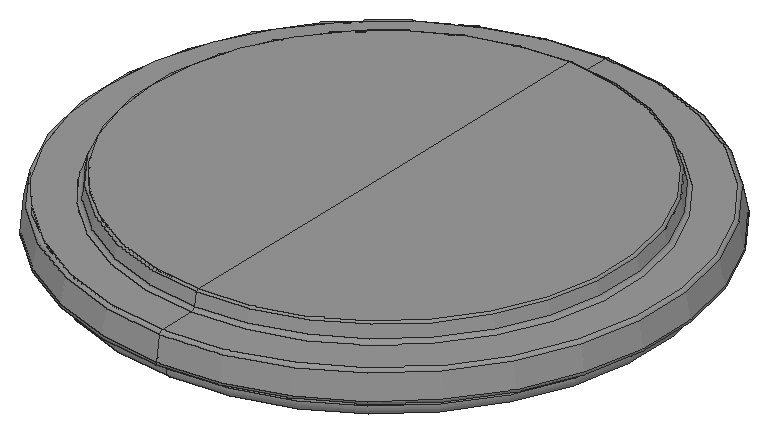
Revit family "FMK13_63_UN_Surface-mounted_ETK", category Lighting Fixtures, Revit 2017 (continued)
Definition of nested family "FMK.1 - Lightsource"
  Types (13, lengths in mm): name | Wattage Comments | Photometric Web File | built-in parameter 1150142 | Apparent Load
      1\t295.4487\r\n276.7221\t257.9909\t237.4332\t217.2268\t197.2976\t177.8843\t157.7872\t138.6506\t119.9505\t100.9249\r\n82.987\t66.0677\t14.47\t0\t0\t0\r\n604.9325\t604.5584\t603.0879\t601.1508\t598.5185\t594.9186\t590.6391\t585.3751\t579.3165\t572.4837\r\n564.9469\t556.5987\t547.5194\t537.685\t527.3395\t516.7057\t504.9047\t492.1707\t478.1271\t463.8484\r\n448.9665\t433.7524\t417.9986\t401.8529\t385.1715\t368.3446\t351.4028\t333.147\t313.7228\t294.4856\r\n275.2731\t256.1445\t237.316\t216.8492\t196.4747\t176.5442\t157.2377\t137.5478\t118.9004\t100.3985\r\n82.3134\t65.4455\t55.1323\t0\t0\t0\r\n604.9325\t604.5433\t603.3225\t601.1064\t598.4354\t594.7731\t590.3173\t585.098\t579.0797\t572.1766\r\n564.6071\t556.1859\t547.081\t537.2398\t526.6482\t515.4957\t503.7296\t491.745\t478.4953\t464.4776\r\n448.9829\t433.6134\t417.6598\t401.2469\t384.1387\t366.9918\t349.3881\t331.6485\t313.6629\t294.2241\r\n274.5265\t254.9012\t235.3516\t216.0467\t196.5265\t175.8547\t156.0522\t137.0014\t117.7749\t99.6932\r\n81.7729\t64.8345\t49.3378\t0\t0\t0\r\n604.9325\t604.5271\t603.3032\t601.0701\t598.3654\t594.6491\t590.1215\t584.7542\t578.8145\t571.898\r\n564.2988\t555.7883\t546.6569\t536.7664\t526.1773\t514.9361\t502.9375\t490.4265\t477.2784\t464.0283\r\n449.3533\t434.0958\t417.8096\t401.016\t383.7266\t366.2957\t348.4007\t330.2839\t311.8195\t293.1788\r\n274.555\t254.527\t234.348\t214.5879\t194.928\t175.8985\t155.5638\t135.8975\t117.155\t98.5499\r\n81.2595\t64.2084\t48.8598\t7.0657\t0\t0\r\n604.9325\t604.5096\t603.2784\t601.0424\t598.3097\t594.5477\t589.9606\t584.5414\t578.4482\t571.608\r\n563.9594\t555.3996\t546.2593\t536.3041\t525.6497\t514.3962\t502.4141\t489.7664\t476.4029\t462.5786\r\n448.0398\t433.0915\t418.0577\t401.3922\t384.1366\t366.1992\t348.0979\t329.6668\t310.9131\t291.9004\r\n272.744\t253.4824\t234.1877\t214.0316\t193.775\t173.9598\t154.8443\t135.6589\t116.2289\t97.8298\r\n80.0295\t63.4921\t48.2305\t34.936\t0\t0\r\n604.9325\t604.4906\t603.2478\t601.2803\t598.2688\t594.4695\t589.8358\t584.3814\t578.2247\t571.2493\r\n563.5271\t555.0451\t545.8679\t535.8603\t525.1757\t513.8836\t501.871\t489.1433\t475.8417\t461.8368\r\n447.2679\t432.0274\t416.5009\t400.0073\t383.2616\t366.3726\t348.5214\t330.0774\t310.8253\t291.5128\r\n272.035\t252.2821\t232.6407\t212.8798\t193.2781\t173.4395\t153.4804\t134.3364\t116.0668\t97.2\r\n79.2416\t62.4646\t47.4631\t33.5133\t0\t0\r\n604.9325\t604.4703\t603.2116\t601.2411\t598.5166\t594.4157\t589.7477\t584.274\t578.0648\t571.0564\r\n563.2525\t554.6583\t545.4211\t535.3541\t524.7361\t513.4205\t501.3551\t488.6147\t475.2745\t461.193\r\n446.5744\t431.3412\t415.6511\t399.1668\t382.278\t364.8935\t347.109\t328.9881\t310.4447\t291.7072\r\n272.4757\t252.2606\t232.2751\t212.1161\t191.9979\t172.222\t152.6751\t133.6736\t114.4712\t96.2985\r\n79.2\t61.7213\t46.3352\t30.5861\t2.7832\t0\r\n604.9325\t604.4487\t603.1693\t601.1876\t598.4603\t594.6385\t589.9678\t584.5139\t577.9711\t570.9456\r\n563.0797\t554.4745\t545.1762\t535.0443\t524.3111\t512.96\t500.8221\t488.1002\t474.7163\t460.6519\r\n445.9947\t430.7439\t414.9606\t398.5261\t381.5143\t364.1378\t346.2393\t328.0457\t309.3298\t290.2564\r\n271.0121\t251.3312\t231.6882\t211.9743\t192.2844\t172.4111\t152.2798\t132.702\t113.7176\t95.3929\r\n77.7571\t61.1156\t45.5789\t26.7123\t15.0206\t0\r\n604.9325\t604.4257\t603.1214\t601.1197\t598.376\t594.5431\t589.8686\t584.4373\t578.1813\t571.1696\r\n563.2668\t554.6915\t545.3505\t535.1843\t524.1648\t512.8008\t500.5868\t487.89\t474.4515\t460.278\r\n445.5862\t430.3323\t414.5182\t397.9934\t380.8221\t363.4557\t345.5267\t327.2817\t308.5319\t289.4587\r\n270.127\t250.3982\t230.6065\t210.7975\t190.5506\t170.8379\t151.2851\t132.0397\t113.3713\t95.4283\r\n77.5355\t60.4175\t45.5245\t22.783\t11.8877\t0\r\n604.9325\t604.4014\t603.0678\t601.0376\t598.264\t594.4044\t589.7068\t584.2658\t577.9867\t570.9757\r\n563.0442\t554.4872\t545.1275\t534.9651\t524.2246\t512.882\t500.6187\t487.9897\t474.5344\t460.3474\r\n445.6646\t430.439\t414.623\t398.0399\t380.7488\t363.3986\t345.4701\t327.1757\t308.3973\t289.2412\r\n269.9199\t250.2091\t230.3921\t210.5042\t190.5692\t170.6931\t151.1594\t131.7673\t112.9299\t94.5881\r\n76.9076\t60.112\t45.0279\t27.0286\t9.6311\t7.6483\r\n604.9325\t604.3759\t603.0084\t600.9412\t598.124\t594.2226\t589.4823\t583.9989\t577.6703\t570.6249\r\n562.6312\t554.0383\t544.615\t534.4128\t523.3303\t511.8827\t499.6032\t486.8945\t473.379\t459.1716\r\n444.447\t429.1313\t413.2983\t396.6863\t379.4714\t362.0792\t344.0455\t325.7707\t306.8732\t287.9397\r\n268.4905\t248.7792\t228.9235\t208.976\t188.8762\t169.0915\t149.5412\t130.307\t111.7095\t93.7095\r\n75.8594\t58.8926\t44.026\t24.9142\t12.7626\t0\r\n604.9325\t604.3491\t602.9434\t600.8307\t597.9567\t593.9983\t589.1954\t583.6374\t576.9499\t569.8568\r\n561.8084\t553.1696\t543.7065\t533.5014\t522.6434\t511.1217\t498.8636\t486.1079\t472.5802\t458.4416\r\n443.7228\t428.3584\t412.519\t395.9142\t378.8014\t361.382\t343.2832\t325.0317\t306.0946\t287.1683\r\n267.7345\t248.067\t228.3349\t208.5719\t188.922\t168.9512\t148.8897\t129.3596\t110.4457\t92.1897\r\n74.6666\t58.1911\t43.6041\t25.4889\t14.7118\t0\r\n604.9325\t604.321\t602.8732\t600.7066\t597.7625\t593.4555\t588.5912\t582.9617\t576.5349\t569.4237\r\n561.3509\t552.699\t543.2196\t533.0344\t522.242\t510.6583\t498.432\t485.6232\t472.085\t457.8674\r\n443.1238\t427.7399\t411.9617\t395.2552\t378.1904\t360.685\t342.6792\t324.4805\t305.7442\t286.9867\r\n267.5493\t247.3236\t227.2422\t207.0117\t186.8984\t167.1289\t147.607\t128.6542\t109.6219\t91.5686\r\n74.5654\t57.4716\t43.021\t27.7846\t2.5248\t0\r\n604.9325\t604.2919\t602.7977\t600.5691\t597.2642\t593.1928\t588.2942\t582.6298\t576.1886\t569.0731\r\n561.0018\t552.4381\t542.9442\t532.7591\t521.8457\t510.2154\t497.9723\t485.1383\t471.6045\t457.3841\r\n442.6041\t427.217\t411.5012\t394.7803\t377.8035\t360.7021\t342.6902\t324.0667\t304.5578\t285.154\r\n265.5148\t245.6447\t225.9156\t206.0001\t186.3854\t166.628\t146.7681\t127.7474\t109.5852\t91.0031\r\n73.2615\t56.8556\t42.3856\t28.9154\t0\t0\r\n604.9325\t604.2617\t602.7174\t600.1575\t597.0585\t592.9572\t588.0346\t582.3501\t575.91\t568.8992\r\n560.8225\t552.1243\t542.5982\t532.4005\t521.4708\t509.8288\t497.5519\t484.7125\t471.1209\t456.9536\r\n442.2012\t427.0651\t411.7943\t394.8578\t377.2968\t359.0608\t340.7356\t322.097\t303.0689\t283.9286\r\n264.5951\t245.1465\t225.7535\t205.5061\t185.2214\t165.5278\t146.4993\t127.474\t108.2339\t90.109\r\n72.5842\t56.4938\t42.1707\t29.3631\t0\t0\r\n604.9325\t604.2306\t602.6322\t600.0115\t596.8707\t592.7484\t587.812\t582.1232\t575.7826\t568.6374\r\n560.5537\t551.8047\t542.2444\t532.0161\t521.1001\t509.4521\t497.1336\t484.3221\t470.9094\t457.2702\r\n442.3573\t426.8157\t410.175\t393.076\t375.4255\t357.6573\t339.5612\t321.1252\t302.4491\t283.5515\r\n264.6943\t244.5977\t224.3093\t204.516\t184.8175\t165.8131\t145.6325\t126.1903\t107.6436\t89.3056\r\n72.2152\t56.2192\t41.802\t5.8477\t0\t0\r\n604.9325\t604.1984\t602.5428\t599.8759\t596.7009\t592.5661\t587.6259\t582.0288\t575.5588\t568.3431\r\n560.3078\t551.4936\t541.918\t531.6799\t520.6784\t509.0807\t497.0071\t484.619\t471.0275\t456.5955\r\n440.7773\t424.9147\t408.6153\t391.9435\t374.3648\t356.8729\t339.0738\t320.888\t302.7006\t282.9652\r\n263.1976\t243.4392\t223.6803\t204.304\t184.8139\t164.2859\t144.6019\t125.6638\t106.7368\t88.9169\r\n71.7798\t55.8455\t41.2336\t0\t0\t0\r\n604.9325\t604.1654\t602.1984\t599.751\t596.5492\t592.4098\t587.5663\t581.8713\t575.3548\t568.0817\r\n560.0442\t551.1829\t541.6018\t531.3184\t520.4884\t509.3827\t497.2815\t484.0025\t469.5392\t454.8807\r\n439.5116\t423.7455\t407.6028\t391.162\t373.9279\t356.7322\t339.4153\t320.7873\t301.2671\t281.7589\r\n262.378\t243.017\t224.0712\t203.4907\t183.2079\t163.3375\t144.1874\t124.7147\t106.2756\t88.4044\r\n71.2995\t55.37\t44.7197\t0\t0\t0\r\n604.9325\t604.1317\t602.1129\t599.6372\t596.4157\t592.3859\t587.3951\t581.6922\t575.1349\t567.8233\r\n559.7735\t550.7814\t541.2689\t531.1872\t520.8219\t509.1315\t496.4226\t482.3474\t468.3274\t453.7764\r\n438.603\t423.039\t407.124\t390.762\t374.0304\t356.955\t338.1426\t319.2702\t300.2728\t281.2389\r\n262.2388\t243.2836\t222.6194\t202.306\t182.3924\t163.035\t143.1366\t124.1994\t105.8336\t87.7967\r\n70.7723\t54.7046\t11.5599\t0\t0\t0\r\n604.9325\t604.0975\t602.033\t599.5342\t596.3004\t592.2404\t587.2388\t581.5154\t574.9143\t567.569\r\n559.3901\t550.5552\t541.2123\t531.4748\t520.4156\t507.8107\t494.859\t481.3089\t467.3975\t452.9318\r\n438.0372\t422.7691\t407.025\t391.0991\t373.8573\t355.346\t337.0135\t318.5296\t299.8812\t281.2909\r\n262.3027\t241.7297\t221.4854\t201.617\t182.1371\t161.9674\t142.593\t123.9131\t105.1305\t87.2021\r\n70.1622\t53.9551\t0\t0\t0\t0\r\n604.9325\t604.0626\t601.9588\t599.4427\t596.3201\t592.1193\t587.0871\t581.3395\t574.6941\t567.3193\r\n559.1974\t550.477\t541.5473\t530.9977\t519.0905\t506.765\t493.8707\t480.5702\t466.7289\t452.4544\r\n437.8106\t422.7648\t407.3444\t389.987\t372.3299\t354.4291\t336.4151\t318.2804\t300.3326\t281.1384\r\n260.7211\t240.7052\t221.0093\t201.4727\t181.0539\t161.3248\t142.3279\t123.1598\t104.4957\t86.6464\r\n69.558\t57.7051\t0\t0\t0\t0\r\n604.9325\t604.0272\t601.8904\t599.3882\t596.237\t592.0006\t586.9406\t581.1632\t574.4747\t566.9997\r\n559.073\t550.8158\t541.1454\t529.7416\t518.149\t505.9054\t493.157\t480.018\t466.3384\t452.3643\r\n437.9112\t422.9979\t406.1187\t388.9214\t371.496\t353.9348\t336.2188\t318.724\t299.4663\t279.56\r\n259.8369\t240.2784\t220.9329\t200.4813\t180.3908\t160.9421\t141.6885\t122.4909\t103.9808\t86.1452\r\n68.9426\t35.5201\t0\t0\t0\t0\r\n604.9325\t603.9917\t601.8278\t599.3206\t596.1556\t591.8844\t586.7978\t580.9865\t574.1458\t566.8553\r\n559.4036\t550.5172\t539.9315\t528.8512\t517.367\t505.2617\t492.6816\t479.6991\t466.2194\t452.4751\r\n438.05\t421.6244\t405.0853\t388.1373\t371.032\t353.8353\t336.757\t317.784\t298.2127\t278.7079\r\n259.3309\t240.3321\t219.939\t199.6844\t179.9696\t160.7126\t140.9902\t121.943\t103.488\t85.6436\r\n68.3574\t0\t0\t0\t0\t0\r\n604.9325\t603.9559\t601.7714\t599.2628\t596.0752\t591.771\t586.6658\t580.8024\t573.989\t566.7804\r\n559.2504\t549.8741\t539.0878\t528.1304\t516.7365\t504.7959\t492.3897\t479.5813\t466.3433\t452.6497\r\n436.8272\t420.6891\t404.3399\t387.7338\t370.9749\t354.3891\t335.8421\t316.6009\t297.4159\t278.2527\r\n259.3978\t239.328\t219.0886\t199.1929\t179.808\t159.923\t140.4269\t121.457\t103.048\t85.1848\r\n73.7131\t0\t0\t0\t0\t0\r\n604.9325\t603.6792\t601.7517\t599.3411\t595.9954\t591.6566\t586.5673\t580.5284\t573.8931\t567.1365\r\n558.8682\t548.733\t538.4005\t527.5784\t516.2664\t504.4955\t492.3035\t479.6753\t466.706\t451.4882\r\n436.0948\t420.0364\t403.9109\t387.6235\t371.4864\t353.8754\t334.7111\t315.7739\t296.8941\t278.1566\r\n258.9491\t238.4036\t218.4493\t198.8345\t179.1952\t159.3202\t139.916\t121.0317\t102.6407\t84.7143\r\n55.9271\t0\t0\t0\t0\t0\r\n604.9325\t603.6444\t601.7066\t599.2965\t595.915\t591.5536\t586.4411\t580.3913\t573.8543\t566.9618\r\n558.2996\t548.0726\t537.8747\t527.1113\t515.9263\t504.3672\t492.3683\t480.1405\t465.7028\t450.6329\r\n435.3552\t419.8082\t403.764\t387.8078\t371.2229\t352.4897\t333.8151\t315.2532\t296.7183\t278.1081\r\n257.8104\t237.7622\t218.0438\t198.6801\t178.511\t158.7677\t139.4922\t120.6463\t102.238\t84.2517\r\n9.0057\t0\t0\t0\t0\t0\r\n604.9325\t603.6112\t601.6661\t599.2512\t595.8331\t591.4531\t586.3125\t580.2933\t574.2613\t566.6412\r\n557.2567\t547.549\t537.3916\t526.7388\t515.7334\t504.3886\t492.9019\t479.7342\t464.8479\t450.0077\r\n434.9476\t419.8855\t404.0538\t388.151\t369.9169\t351.5873\t333.3553\t314.9504\t296.9003\t276.9796\r\n257.0176\t237.3436\t217.8318\t197.9694\t177.9387\t158.3111\t139.083\t120.2864\t101.8575\t92.1859\r\n0\t0\t0\t0\t0\t0\r\n604.9325\t603.5799\t601.6303\t599.2045\t595.7076\t591.3592\t586.075\t580.2215\t574.1924\t566.1884\r\n556.6737\t547.074\t536.9561\t526.5217\t515.6669\t504.5312\t492.7859\t478.611\t464.16\t449.5853\r\n434.7567\t419.7662\t405.0918\t387.0371\t369.0209\t351.0423\t333.0336\t315.092\t295.9783\t276.1604\r\n256.4894\t237.0057\t217.711\t197.3492\t177.4313\t157.8872\t138.7311\t119.935\t101.4702\t81.0181\r\n0\t0\t0\t0\t0\t0\r\n604.9325\t603.5503\t601.5987\t599.1561\t595.626\t591.2727\t585.9368\t580.2006\t574.0102\t565.255\r\n556.1655\t546.6769\t536.6806\t526.4567\t515.7097\t505.0175\t491.8244\t477.8494\t463.7019\t449.2876\r\n434.7564\t420.4081\t404.4637\t386.432\t368.4467\t350.6538\t332.9546\t315.1229\t295.2701\t275.5419\r\n256.1209\t237.0123\t216.9386\t196.7955\t177.0266\t157.531\t138.3961\t119.5772\t101.0781\t55.7879\r\n0\t0\t0\t0\t0\t0\r\n604.9325\t603.5226\t601.5713\t599.1055\t595.5514\t591.1944\t585.8477\t580.6059\t573.7272\t564.7673\r\n555.7208\t546.3592\t536.5629\t526.4185\t515.8861\t504.7419\t491.1491\t477.3368\t463.4233\t449.1905\r\n434.8749\t420.3926\t403.0738\t385.7604\t368.1941\t350.5999\t333.2448\t314.0673\t294.5401\t275.2079\r\n255.9181\t236.731\t216.3242\t196.3167\t176.6088\t157.1902\t138.0919\t119.2663\t100.7128\t7.9096\r\n0\t0\t0\t0\t0\t0\r\n604.9325\t603.5024\t601.5477\t599.0027\t595.4844\t591.1564\t585.7889\t580.586\t573.3397\t564.3588\r\n555.3625\t546.1066\t536.4848\t526.4232\t516.46\t503.7313\t490.508\t476.9971\t463.1504\t449.3158\r\n435.4961\t419.3363\t402.3059\t385.1301\t368.0536\t350.6767\t333.0603\t313.3187\t294.0528\t274.8627\r\n256.0518\t236.014\t215.808\t195.9092\t176.2577\t156.8869\t137.7744\t118.924\t107.573\t0\r\n0\t0\t0\t0\t0\t0\r\n604.9325\t603.478\t601.5279\t598.9535\t595.4258\t591.0829\t585.7607\t580.4663\t572.4844\t563.9941\r\n555.0829\t545.9216\t536.4706\t526.6157\t516.2842\t503.1403\t489.9858\t476.7762\t463.1632\t449.3988\r\n435.4082\t418.4666\t401.6939\t384.809\t367.7873\t351.0202\t332.0189\t312.8252\t293.7031\t274.7409\r\n255.7909\t235.4313\t215.3913\t195.5619\t175.9593\t156.6095\t137.5086\t118.6259\t93.5654\t0\r\n0\t0\t0\t0\t0\t0\r\n604.9325\t603.4551\t601.5115\t598.9106\t595.3758\t590.8939\t585.7709\t580.2702\t572.0798\t563.6729\r\n554.8743\t545.7915\t536.5093\t527.239\t515.7758\t502.6755\t489.6308\t476.5517\t463.3214\t450.0742\r\n434.4062\t417.8556\t401.204\t384.5694\t367.8901\t350.6145\t331.3568\t312.4071\t293.4519\t274.8857\r\n255.1354\t234.9506\t214.9788\t195.2372\t175.7164\t156.3939\t137.2684\t118.3542\t70.2991\t0\r\n0\t0\t0\t0\t0\t0\r\n604.9325\t603.4339\t601.4981\t598.8743\t595.3693\t590.8219\t585.8012\t579.9783\t571.7294\t563.3978\r\n554.7414\t545.7491\t536.5989\t527.245\t514.8542\t502.254\t489.435\t476.4383\t463.4252\t450.1235\r\n433.6687\t417.3734\t400.9511\t384.4656\t368.2234\t349.7336\t330.8127\t312.0244\t293.3418\t274.7228\r\n254.5352\t234.5186\t214.663\t194.959\t175.4554\t156.1442\t137.0471\t118.1035\t19.0545\t0\r\n0\t0\t0\t0\t0\t0\r\n604.9325\t603.4142\t601.6163\t598.8454\t595.3189\t590.7169\t586.228\t579.6856\t571.4422\t563.1606\r\n554.6359\t545.7802\t536.7262\t527.004\t514.4202\t501.893\t489.3259\t476.5043\t463.9917\t449.6199\r\n433.2001\t416.9985\t400.7919\t384.5465\t367.964\t349.0736\t330.4515\t311.843\t293.2609\t274.3654\r\n254.0721\t234.1043\t214.3191\t194.7189\t175.2644\t155.9641\t136.8284\t127.44\t0.8256\t0\r\n0\t0\t0\t0\t0\t0\r\n604.9325\t603.3959\t601.5958\t598.824\t595.2654\t590.6658\t586.2393\t578.987\t571.1614\t562.9789\r\n554.5537\t545.8944\t537.3116\t526.1436\t514.0547\t501.6983\t489.2117\t476.6618\t464.074\t448.5062\r\n432.723\t416.8038\t400.7754\t385.0445\t367.1413\t348.6211\t330.0914\t311.6944\t293.5155\t273.6725\r\n253.6465\t233.79\t214.0612\t194.4807\t175.0633\t155.7882\t136.6493\t117.5353\t0\t0\r\n0\t0\t0\t0\t0\t0\r\n604.9325\t603.3793\t601.5872\t598.8105\t595.2101\t590.6325\t586.182\t578.7254\t570.875\t562.8655\r\n554.5217\t546.0169\t537.3617\t525.6545\t513.7252\t501.581\t489.2289\t476.8143\t463.9001\t448.0007\r\n432.3179\t416.6176\t400.8204\t385.0398\t366.6709\t348.2612\t329.9337\t311.6354\t293.3024\t273.2371\r\n253.3363\t233.5297\t213.8389\t194.3095\t174.9111\t155.6259\t136.4696\t101.5487\t0\t0\r\n0\t0\t0\t0\t0\t0\r\n604.9325\t603.3641\t601.5801\t598.8331\t595.1315\t590.6137\t586.0804\t578.487\t570.6665\t562.7608\r\n554.5332\t546.1336\t537.3181\t525.3185\t513.4082\t501.4893\t489.3584\t477.4559\t463.01\t447.6105\r\n432.0987\t416.5061\t400.931\t384.7262\t366.2377\t348.0214\t329.8202\t311.6817\t293.0359\t272.855\r\n252.9846\t233.2859\t213.6869\t194.1907\t174.796\t155.5142\t136.3398\t80.7347\t0\t0\r\n0\t0\t0\t0\t0\t0\r\n604.9325\t603.3502\t601.5746\t598.8264\t595.0882\t590.6008\t585.9286\t578.3051\t570.5246\t562.6362\r\n554.6075\t546.3098\t537.0792\t525.0613\t513.2531\t501.3561\t489.4926\t477.5967\t462.5345\t447.256\r\n431.9436\t416.5695\t401.424\t383.9417\t365.8692\t347.8299\t329.7853\t311.9692\t292.3903\t272.5405\r\n252.7811\t233.1154\t213.5333\t194.0453\t174.6839\t155.431\t150.2586\t29.2061\t0\t0\r\n0\t0\t0\t0\t0\t0\r\n604.9325\t603.3378\t601.5706\t598.8203\t595.055\t590.6078\t585.7655\t578.1122\t570.4127\t562.5739\r\n554.6736\t546.923\t536.3276\t524.8226\t513.1645\t501.4036\t489.5432\t477.5045\t462.1937\t447.0308\r\n431.8282\t416.622\t401.4545\t383.5728\t365.6095\t347.6741\t329.7802\t311.9534\t292.0872\t272.2819\r\n252.5716\t232.9639\t213.4378\t193.9889\t174.6452\t155.374\t147.8321\t12.1507\t0\t0\r\n0\t0\t0\t0\t0\t0\r\n604.9325\t603.3266\t601.5681\t598.8152\t594.9133\t590.6359\t585.5832\t577.9208\t570.3524\t562.5734\r\n554.7119\t547.0357\t536.0482\t524.6097\t513.0999\t501.5025\t489.8006\t477.1124\t461.8898\t446.8692\r\n431.8333\t416.768\t401.2684\t383.2146\t365.4085\t347.6008\t329.8404\t311.7539\t291.7771\t272.086\r\n252.4588\t232.8794\t213.3666\t193.9448\t174.6141\t155.3429\t141.4974\t0\t0\t0\r\n0\t0\t0\t0\t0\t0\r\n604.9325\t603.3169\t601.5671\t598.8117\t594.8818\t591.1273\t585.3598\t577.7232\t570.2807\t562.5989\r\n554.8126\t547.0015\t535.83\t524.465\t513.0578\t501.589\t490.423\t476.4322\t461.5541\t446.7712\r\n431.8675\t416.9077\t401.0268\t382.9673\t365.2569\t347.5825\t330.1779\t311.2051\t291.528\t271.9059\r\n252.3343\t232.8122\t213.3482\t193.9567\t174.6259\t155.3412\t132.138\t0\t0\t0\r\n0\t0\t0\t0\t0\t0\r\n604.9325\t603.3083\t601.5674\t598.8104\t594.8673\t591.1701\t585.2094\t577.5682\t570.1843\t562.6627\r\n554.9593\t546.9296\t535.6142\t524.3936\t513.0698\t501.7034\t490.4952\t476.125\t461.4413\t446.6766\r\n431.941\t417.4522\t400.3522\t382.7423\t365.1753\t347.6066\t330.2627\t310.9633\t291.3402\t271.7576\r\n252.2371\t232.7679\t213.3529\t19
      3.9805\t174.655\t155.392\t120.5846\t0\t0\t0\r\n0\t0\t0\t0\t0\t0\r\n604.9325\t603.301\t601.5729\t598.8117\t594.8652\t591.1802\t584.7817\t577.4234\t570.115\t562.6941\r\n555.1334\t546.8455\t535.414\t524.311\t513.1192\t501.8585\t490.4872\t475.8803\t461.3033\t446.6903\r\n432.0433\t417.4984\t400.1431\t382.6494\t365.1539\t347.6827\t330.3082\t310.7545\t291.1843\t271.6838\r\n252.2118\t232.7765\t213.3615\t194.0134\t174.7039\t155.4623\t107.4685\t0\t0\t0\r\n0\t0\t0\t0\t0\t0\r\n604.9325\t603.295\t601.5758\t598.815\t594.8775\t591.0866\t584.6864\t577.3564\t570.0567\t562.6969\r\n555.2743\t546.7564\t535.2798\t524.2414\t513.1816\t502.0442\t490.4343\t475.6998\t461.2244\t446.7248\r\n432.2027\t417.4698\t399.9233\t382.5455\t365.1657\t347.7926\t330.2732\t310.6261\t291.1251\t271.6527\r\n252.2115\t232.7878\t213.4222\t194.097\t174.8049\t155.5703\t93.4481\t0\t0\t0\r\n0\t0\t0\t0\t0\t0\r\n604.9325\t603.2899\t601.5794\t598.8194\t594.9418\t591.0742\t584.5693\t577.3871\t570.0555\t562.7489\r\n555.8198\t546.1678\t535.2586\t524.2031\t513.1736\t502.2212\t490.3579\t475.5739\t461.1807\t446.7922\r\n432.3827\t417.4173\t399.8059\t382.4972\t365.1975\t347.9267\t330.2362\t310.5297\t291.061\t271.6314\r\n252.2371\t232.8693\t213.5311\t194.2179\t174.9328\t171.7185\t45.2984\t0\t0\t0\r\n0\t0\t0\t0\t0\t0\r\n604.9325\t603.2861\t601.584\t598.8252\t594.9753\t591.0943\t584.3698\t577.3456\t570.1357\t562.8374\r\n555.948\t545.9919\t535.157\t524.3236\t513.3771\t502.7104\t490.0954\t475.5009\t461.2002\t446.861\r\n432.5413\t417.3169\t399.7448\t382.5143\t365.2808\t348.0578\t330.1391\t310.4433\t291.0463\t271.6788\r\n252.3192\t232.9808\t213.6587\t194.3487\t175.0684\t171.0217\t33.648\t0\t0\t0\r\n0\t0\t0\t0\t0\t0\r\n604.9325\t603.2625\t601.5896\t598.827\t595.0037\t591.2214\t584.3024\t577.2119\t570.1593\t562.9763\r\n556.0681\t545.9132\t535.0971\t524.2744\t513.5068\t503.075\t489.7052\t475.3925\t461.1855\t446.9933\r\n433.1038\t416.8265\t399.6833\t382.546\t365.4094\t348.5442\t329.827\t310.4438\t291.082\t271.7317\r\n252.4056\t233.1016\t213.7987\t194.5299\t175.2683\t169.3777\t24.3324\t0\t0\t0\r\n0\t0\t0\t0\t0\t0\r\n604.9325\t603.2615\t601.596\t598.8352\t595.0251\t591.2699\t584.3706\t577.1939\t570.0969\t563.0553\r\n556.1891\t545.8881\t535.1035\t524.3192\t513.5269\t503.0774\t489.5826\t475.518\t461.3551\t447.1746\r\n433.3333\t416.8315\t399.7183\t382.6093\t365.5275\t348.6962\t329.8198\t310.5032\t291.1764\t271.8584\r\n252.5502\t233.251\t213.9726\t194.7088\t175.459\t167.1137\t16.9707\t0\t0\t0\r\n0\t0\t0\t0\t0\t0\r\n604.9325\t603.2622\t601.6031\t598.8456\t595.0171\t591.2942\t584.3901\t577.314\t570.1518\t563.0717\r\n556.2009\t545.8527\t535.1549\t524.4332\t513.666\t503.1656\t489.5138\t475.4802\t461.4303\t447.3598\r\n433.5291\t416.847\t399.79\t382.7498\t365.7146\t348.8482\t329.8385\t310.5403\t291.2523\t271.9627\r\n252.7004\t233.4355\t214.176\t194.9373\t175.6974\t164.6684\t11.2593\t0\t0\t0\r\n0\t0\t0\t0\t0\t0\r\n604.9325\t603.2646\t601.6112\t598.8588\t595.0338\t591.2612\t584.3879\t577.3718\t570.3272\t563.2615\r\n556.2852\t545.793\t535.1346\t524.4705\t513.8326\t503.3305\t489.5538\t475.5472\t461.5574\t447.5699\r\n433.7714\t416.9852\t399.9416\t382.9159\t365.8972\t349.0221\t329.9274\t310.6684\t291.4172\t272.1539\r\n252.9058\t233.6517\t214.4029\t195.1719\t175.9351\t162.3065\t6.9335\t0\t0\t0\r\n0\t0\t0\t0\t0\t0\r\n604.9325\t603.2688\t601.6042\t598.8743\t595.0554\t591.2658\t584.3391\t577.3615\t570.4032\t563.3975\r\n556.467\t545.8941\t535.2238\t524.5394\t513.8971\t503.3683\t489.5458\t475.6066\t461.6554\t447.69\r\n433.8362\t416.9968\t400.0429\t383.0747\t366.1055\t349.2307\t330.0787\t310.8325\t291.5897\t272.3493\r\n253.125\t233.8923\t214.6626\t195.4409\t176.2297\t160.3062\t3.7832\t0\t0\t0\r\n0\t0\t0\t0\t0\t0\r\n604.9325\t603.2748\t601.6166\t598.8882\t595.0815\t591.2814\t584.3409\t577.3783\t570.4122\t563.4421\r\n556.5094\t545.9312\t535.3131\t524.6743\t514.0286\t503.4308\t489.5819\t475.67\t461.7554\t447.8511\r\n433.9937\t417.1143\t400.1816\t383.2592\t366.3259\t349.4303\t330.2479\t311.0259\t291.8055\t272.5971\r\n253.3801\t234.165\t214.9533\t195.7439\t176.5349\t158.8426\t1.6454\t0\t0\t0\r\n0\t0\t0\t0\t0\t0\r\n604.9325\t603.2825\t601.6324\t598.9104\t595.1185\t591.3218\t584.3739\t577.421\t570.4627\t563.5141\r\n556.5711\t545.9833\t535.3841\t524.7961\t514.1941\t503.6029\t489.7421\t475.8564\t461.9698\t448.0952\r\n434.2193\t417.3134\t400.3992\t383.4817\t366.5691\t349.6572\t330.4638\t311.261\t292.0591\t272.8589\r\n253.658\t234.4578\t215.2712\t196.0725\t176.8744\t158.063\t0.4063\t0\t0\t0\r\n0\t0\t0\t0\t0\t0" | 18 VA
